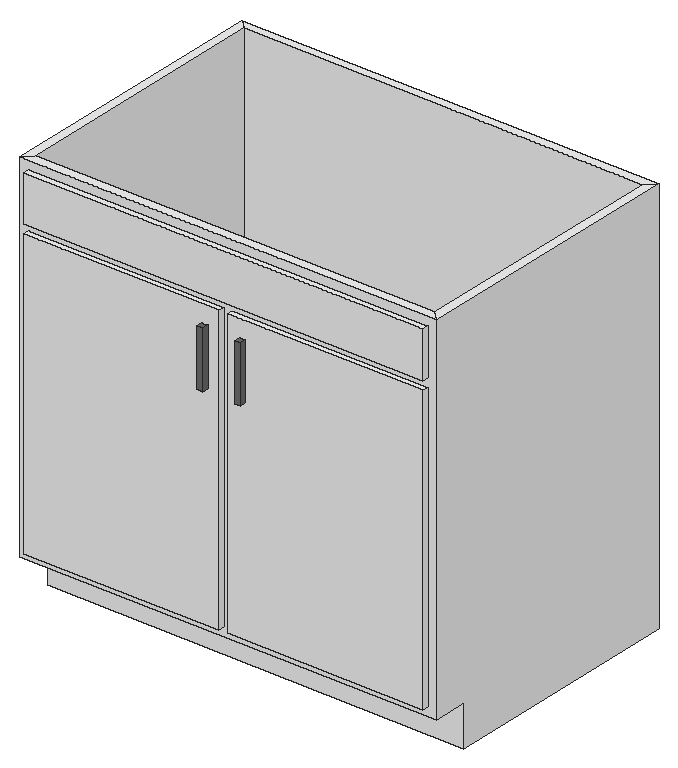
Revit family "fd0800267bb54459bae8e911187e9338", category Casework, Revit 2021
Family settings
  OmniClass Number = 23.40.35.17.47.11
  OmniClass Title = Kitchen Casework
  Seek Item ID = Base Cabinet-Double Door Sink Unit-0000-USA-ENU
  Work Plane-Based = No
  Always vertical = Yes
  Cut with Voids When Loaded = No
  Shared = No
  Room Calculation Point = No
Parameters (values of type "36"")
  Default Elevation = 0' - 0"
  Assembly Code = "C1030410"
  Cabinet Material = none
  Depth = 2' - 0"
  Door/Drawer Material = none
  Handle Material = Cabinets - Handles
  Height = 2' - 10 1/2"
  Toe Depth = 0' - 3"
  Toe Height = 0' - 3 1/2"
  Width = 3' - 0"
Types (10): name | Width
  (no name) | 3' - 0"
  30" | 2' - 6"
  24" | 2' - 0"
  27" | 2' - 3"
  33" | 2' - 9"
  36" | 3' - 0"
  39" | 3' - 3"
  42" | 3' - 6"
  45" | 3' - 9"
  48" | 4' - 0"
Reference planes (in)
  plane 1 "Back": y = 0
  plane 2: z = 0
  plane 3 "Center": x = 0.7377
  plane 4 "Left": x = -17.2623
  plane 5 "Right": x = 18.7377
  plane 6 "Front": y = -24
  plane 7 "Top": z = 34.5
  plane 8: y = -21
  plane 9: z = 3.5
  plane 10: z = 33.75
  plane 11: z = 4.25
  plane 12: x = -16.5123
  plane 13: x = 17.9877
  plane 14: z = 29.75
  plane 15: z = 29
  plane 16: z = 27.5
  plane 17: z = 23.5
  plane 18: x = -0.6373
  plane 19: x = -1.1373
  plane 20: x = 0.3627
  plane 21: x = 1.1127
  plane 22: x = 2.1127
  plane 23: x = 2.6127
Forms (in)
  Extrusion 1, solid, material <- "Cabinet Material"
    sketch origin (0, 0, 0) x (1, 0, 0) y (0, 1, 0)
      loop
        line (-17.2623, 0) -> (-17.2623, -21) -> (18.7377, -21) -> (18.7377, 0) -> (-17.2623, 0)
    from 0 to 3.5
  Sweep 2, solid, material <- "Cabinet Material"
    path origin (0, 0, 0) x (1, 0, 0) y (0, 1, 0)
      loop
        line (18.7377, 0) -> (-17.2623, 0) -> (-17.2623, -24) -> (18.7377, -24) -> (18.7377, 0)
    profile origin (0, -12, 0) x (1, 0, 0) y (0, 0, 1)
      loop
        line (18.7377, 3.5) -> (18.7377, 34.5) -> (17.9877, 34.5) -> (17.9877, 3.5) -> (18.7377, 3.5)
  Extrusion 3, solid, material <- "Cabinet Material"
    sketch origin (0, 0, 0) x (1, 0, 0) y (0, 1, 0)
      loop
        line (-16.5123, -0.75) -> (-16.5123, -23.25) -> (17.9877, -23.25) -> (17.9877, -0.75) -> (-16.5123, -0.75)
    from 4.25 to 3.5
  Extrusion 4, solid, material <- "Door/Drawer Material"
    sketch origin (0, -24, 0) x (1, 0, 0) y (0, 0, 1)
      loop
        line (-16.5123, 29) -> (-16.5123, 4.25) -> (0.3627, 4.25) -> (0.3627, 29) -> (-16.5123, 29)
      loop
        line (1.1127, 29) -> (1.1127, 4.25) -> (17.9877, 4.25) -> (17.9877, 29) -> (1.1127, 29)
      loop
        line (-16.5123, 33.75) -> (-16.5123, 29.75) -> (17.9877, 29.75) -> (17.9877, 33.75) -> (-16.5123, 33.75)
    from 0 to 0.5
  Extrusion 5, solid, material "Cabinets - Handles" <- "Handle Material"
    sketch origin (0, -24, 0) x (1, 0, 0) y (0, 0, 1)
      loop
        line (-1.1373, 27.5) -> (-1.1373, 22.58937) -> (-0.6373, 22.58937) -> (-0.6373, 27.5) -> (-1.1373, 27.5)
      loop
        line (2.1127, 27.5) -> (2.1127, 22.58937) -> (2.6127, 22.58937) -> (2.6127, 27.5) -> (2.1127, 27.5)
    from 0.5 to 1
Cuts and joins
  joined: Extrusion 1, Sweep 2
Lines and regions (in)
  Masking region 1
    outline origin (0, 0, 0) x (1, 0, 0) y (0, 1, 0)
      loop
        line (-17.2623, 0) -> (-17.2623, -24) -> (18.7377, -24) -> (18.7377, 0) -> (-17.2623, 0)
  model lines
    curve 1: line (17.9877, -24, 29.75) -> (-16.5123, -24, 29.75)
    curve 2: line (17.9877, -24, 33.75) -> (17.9877, -24, 29.75)
    curve 3: line (-16.5123, -24, 33.75) -> (17.9877, -24, 33.75)
    curve 4: line (-16.5123, -24, 29.75) -> (-16.5123, -24, 33.75)
    curve 5: line (17.9877, -24, 4.25) -> (1.1127, -24, 4.25)
    curve 6: line (17.9877, -24, 29) -> (17.9877, -24, 4.25)
    curve 7: line (-16.5123, -24, 29) -> (0.3627, -24, 29)
    curve 8: line (-16.5123, -24, 4.25) -> (-16.5123, -24, 29)
    curve 9: line (-1.1373, -24, 27.5) -> (-0.6373, -24, 27.5)
    curve 10: line (-1.1373, -24, 23.5) -> (-1.1373, -24, 27.5)
    curve 11: line (-0.6373, -24, 23.5) -> (-1.1373, -24, 23.5)
    curve 12: line (-0.6373, -24, 27.5) -> (-0.6373, -24, 23.5)
    curve 13: line (1.1127, -24, 4.25) -> (1.1127, -24, 29)
    curve 14: line (0.3627, -24, 4.25) -> (0.3627, -24, 29)
    curve 15: line (2.6127, -24, 27.5) -> (2.1127, -24, 27.5)
    curve 16: line (2.6127, -24, 23.5) -> (2.6127, -24, 27.5)
    curve 17: line (2.1127, -24, 23.5) -> (2.6127, -24, 23.5)
    curve 18: line (2.1127, -24, 27.5) -> (2.1127, -24, 23.5)
    curve 19: line (1.1127, -24, 29) -> (17.9877, -24, 29)
    curve 20: line (0.3627, -24, 4.25) -> (-16.5123, -24, 4.25)
  model lines, style "InvisibleLines"
    curve 21: line (-16.5123, -24, 16.625) -> (-17.2623, -24, 16.625)
    curve 22: line (17.9877, -24, 16.625) -> (18.7377, -24, 16.625)
  model lines, style "Elevation Swing"
    curve 23: line (0.3627, -24, 29) -> (-16.5123, -24, 16.625)
    curve 24: line (-16.5123, -24, 16.625) -> (0.3627, -24, 4.25)
    curve 25: line (1.1127, -24, 29) -> (17.9877, -24, 16.625)
    curve 26: line (17.9877, -24, 16.625) -> (1.1127, -24, 4.25)
Dimensions and locks (in)
  "Depth": plane 6 "Front" to plane 1 "Back"
  "Width": plane 4 "Left" to plane 5 "Right"
  equal spacing: plane 4 "Left", plane 3 "Center", plane 5 "Right"
  "Height": level to plane 7 "Top"
  "Toe Height": plane 2 to plane 9
  "Toe Depth": plane 6 "Front" to plane 8
  locked: plane 4 "Left" to plane 12 at 0.75
  locked: plane 13 to plane 5 "Right" at 0.75
  locked: plane 7 "Top" to plane 10 at 0.75
  locked: plane 11 to plane 9 at 0.75
  plane 10 to plane 14 to plane 15 = 0' - 4" locked, 0' - 0 3/4" locked
  plane 15 to plane 16 to plane 17 = 0' - 1 1/2" locked, 0' - 4" locked
  plane 21 to plane 3 "Center" to plane 20 = 0' - 0 3/8" locked, 0' - 0 3/8" locked
  plane 20 to plane 18 to plane 19 = 0' - 1" locked, 0' - 0 1/2" locked
  plane 21 to plane 22 to plane 23 = 0' - 1" locked, 0' - 0 1/2" locked
  equal spacing: plane 15, curve 21, plane 11
  equal spacing: plane 15, curve 22, plane 11
  aligned and locked: plane 1 "Back" to Extrusion 1 sketch curve
  aligned and locked: Extrusion 1 sketch curve to plane 5 "Right"
  aligned and locked: Extrusion 1 sketch curve to plane 8
  aligned and locked: plane 4 "Left" to Extrusion 1 sketch curve
  aligned and locked: Extrusion 1 to level
  aligned and locked: Sweep 2 sketch curve to plane 6 "Front"
  aligned and locked: plane 1 "Back" to Sweep 2 sketch curve
  aligned and locked: Sweep 2 sketch curve to plane 5 "Right"  (x2)
  aligned and locked: plane 4 "Left" to Sweep 2 sketch curve
  aligned and locked: plane 7 "Top" to Sweep 2 sketch curve
  aligned and locked: plane 9 to Sweep 2 sketch curve
  aligned and locked: Sweep 2 to Extrusion 3 sketch curve  (x2)
  aligned and locked: Extrusion 3 sketch curve to Sweep 2  (x2)
  aligned and locked: Extrusion 3 to plane 11
  aligned and locked: Extrusion 3 to plane 9
  aligned and locked: plane 9 to Extrusion 1
  aligned and locked: Masking region 1 sketch curve to plane 5 "Right"
  aligned and locked: Masking region 1 sketch curve to plane 6 "Front"
  aligned and locked: plane 4 "Left" to Masking region 1 sketch curve
  aligned and locked: plane 1 "Back" to Masking region 1 sketch curve
Automatic sketch dimensions
  profile plane to Sweep 2 sketch curve = 0' - 0 3/4"
  curve 22 to plane 5 "Right" = 0' - 0"
  curve 22 to plane 13 = 0' - 0"
  curve 2 to plane 10 = 0' - 0"
  curve 2 to plane 13 = 0' - 0"
  curve 26 to plane 13 = 0' - 0"
  curve 16 to plane 16 = 0' - 0"
  curve 16 to plane 23 = 0' - 0"
  curve 18 to plane 17 = 0' - 0"
  curve 18 to plane 22 = 0' - 0"
  curve 19 to plane 15 = 0' - 0"
  curve 19 to plane 21 = 0' - 0"
  curve 26 to plane 11 = 0' - 0"
  curve 26 to plane 21 = 0' - 0"
  curve 25 to plane 15 = 0' - 0"
  curve 25 to plane 21 = 0' - 0"
  curve 14 to plane 15 = 0' - 0"
  curve 14 to plane 20 = 0' - 0"
  curve 23 to plane 15 = 0' - 0"
  curve 23 to plane 20 = 0' - 0"
  curve 24 to plane 11 = 0' - 0"
  curve 24 to plane 20 = 0' - 0"
  curve 11 to plane 17 = 0' - 0"
  curve 11 to plane 18 = 0' - 0"
  curve 11 to plane 19 = 0' - 0"
  curve 8 to plane 12 = 0' - 0"
  curve 23 to plane 12 = 0' - 0"
  curve 4 to plane 12 = 0' - 0"
  curve 21 to plane 4 "Left" = 0' - 0"
  curve 2 to plane 14 = 0' - 0"
  curve 10 to plane 16 = 0' - 0"
  curve 5 to plane 11 = 0' - 0"
  curve 8 to plane 11 = 0' - 0"
  curve 26 to curve 22 = 0' - 0"
  curve 24 to curve 21 = 0' - 0"
  Extrusion 4 sketch curve to plane 11 = 0' - 0"  (x2)
  Extrusion 4 sketch curve to plane 12 = 0' - 0"  (x2)
  Extrusion 4 sketch curve to plane 15 = 0' - 0"  (x2)
  Extrusion 4 sketch curve to plane 20 = 0' - 0"
  Extrusion 4 sketch curve to plane 21 = 0' - 0"
  Extrusion 4 sketch curve to plane 10 = 0' - 0"
  Extrusion 4 sketch curve to plane 13 = 0' - 0"  (x2)
  Extrusion 4 sketch curve to plane 14 = 0' - 0"
  Extrusion 5 sketch curve to plane 19 = 0' - 0"
  Extrusion 5 sketch curve to plane 18 = 0' - 0"
  Extrusion 5 sketch curve to plane 16 = 0' - 0"  (x2)
  Extrusion 5 sketch curve to plane 22 = 0' - 0"
  Extrusion 5 sketch curve to plane 23 = 0' - 0"
  plane 17 to Extrusion 5 sketch curve = 0' - 0.91063"  (x2)
